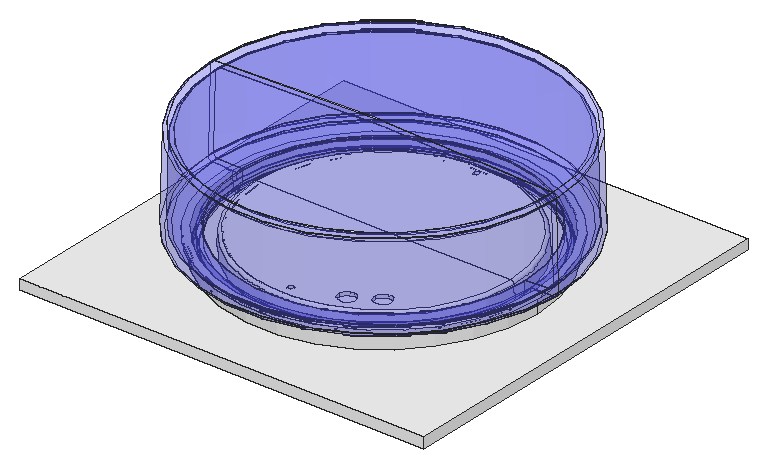
Revit family "BE_50656_de_DE", category Leuchten, Revit 2020
Family settings
  Basisbauteil = Fläche
  Bemaßung runder Anschluss = Durchmesser verwenden
  Teiletyp = Normal
  Beim Laden mit Abzugskörper schneiden = Ja
  Lichtquelle = Ja
  Gemeinsam genutzt = Nein
  Raumberechnungspunkt = Ja
Parameters (values of type "BEGA_50656_K27")
  built-in parameter 1150104 = 14.864 (stored number, unit not read)
  Wattage = 22.4 W
  Default Elevation = 0 mm
  built-in parameter 1150113 = 1 (stored number, unit not read)
  built-in parameter 1114218 = 1 (stored number, unit not read)
  Umgebungstemperatur = "25 °C"
  URL = "https://www.bega.com/de/produkt/50656"
  Typenkommentare = "© 2022 BEGA. Wir behalten uns das Recht vor, technische Änderungen ohne vorherige Ankündigung vorzunehmen."  # constant formula
  built-in parameter 1150134 = 12
  built-in parameter 1150109 = 1 (stored number, unit not read)
  Strom = ""
  built-in parameter 1150110 = 1 (stored number, unit not read)
  Spannung = 239.996 V
  Sonderanfertigung = no
  Seriennummer [instance] = "Hier können Sie die eindeutige Seriennummer für das Facility Management eintragen."
  Schutzklasse = "I"
  Schutzart = "IP 44"
  Scheinlast = 0 VA
  Produktdatenblatt = "https://cdn.bega.com/bega/products/50656K4/current/documents/data-sheets/de"
  Oberflächentemperatur = ""
  Neigungswinkel = 0.00°
  Modell = "50656K27"
  Material_17 = BEGA_Reflektor
  Material_15 = BEGA_Leuchtmedium_matt
  Material_11 = BEGA_Glas_opal
  Material_09 = BEGA_Glas_klar
  Material_06 = BEGA_Oberfläche_Edelstahl_gebürstet
  Material_03 = BEGA_Oberfläche_Weiss_matt
  Material_02 = BEGA_Oberfläche_Silber_matt
  Material_01 [instance] = BEGA_Oberfläche_Grafit_matt
  M_W = no
  M_G = no
  M_A = no
  Logo = 0
  built-in parameter 1114217 = 1 (stored number, unit not read)
  built-in parameter 1150139 = (empty or 0)
  built-in parameter 1150105 = 856.68 (stored number, unit not read)
  built-in parameter 1150114 = 1 (stored number, unit not read)
  Lumens = 3584 lm
  built-in parameter 1150115 = 1 (stored number, unit not read)
  Leuchtenlichtstrom = "2480 lm"
  Leuchtenanzahl = ""
  Lebensdauerkriterien = "L70B50 @ 25 °C = 200000 h"
  Lastklassifizierung = Beleuchtung
  built-in parameter 1150112 = 1 (stored number, unit not read)
  Lampenlichtstrom = "3480 lm"
  Lampe = "LED 22 W"
  LED_Modulbezeichnung = "4x LED-0263/927"
  Hersteller = "BEGA"  # constant formula
  Halbstreuwinkel = ""
  Gewicht = "3.4 kg"
  Gebrauchslageneinschränkung [instance] = ""
  Frequenz = "0/50-60 Hz"
  Farbwiedergabeindex = "CRI > 90"
  Farbtemperaturverschiebung bei Dämpfen der Lampe = <Keine Auswahl>
  Farbtemperatur = "2700 K"
  Color Filter = 16777215
  built-in parameter 1150133 = 10 (stored number, unit not read)
  Energieeffizienzklasse = "LED A++ - A"
  built-in parameter 1150137 = (empty or 0)
  built-in parameter 1150132 = (empty or 0)
  ENEC = "ja"
  Dimmbar [instance] = "DALI"
  Datei für fotometrisches Netz = "BE_50656K27.IES"
  CE_Konformität = "ja"
  Bestellnummer = "50656K27"
  Beschreibung_Sonderanfertigung = "Hier können Sie Informationen zur Sonderanfertigung eintragen."
  Beschreibung = "Decken- und Wandleuchte"
  built-in parameter 1150106 = 8.5668 (stored number, unit not read)
  Befestigungsbohrung = "Ø 5,5 mm"
  Befestigungsabstand = "230 mm"
  Ballwurfsicher = ""
  BEGA_Intern_aus = yes
  BEGA_Intern_an = yes
  BEGA_Intern_Konstruktion = yes
  BEGA_Intern = yes
  BEGA_IES = yes
  BEGA_Dummy = no
  Anschlussleitung = ""
  Anschlussleistung [instance] = "24.6 W"
  Anschlusskasten = ""
  built-in parameter 1150107 = 4000 (stored number, unit not read)
  built-in parameter 1150102 = (empty or 0)
  built-in parameter 1150138 = (empty or 0)
  Aktualisierung = "2022-05-19T04:00:07"
  Abstand_zur_angestrahlten_Fläche [instance] = ""
  AC/DC = "AC/DC"
Types (3, lengths in mm): name | built-in parameter 1150104 | built-in parameter 1150134 | Modell | built-in parameter 1150105 | Lumens | Leuchtenlichtstrom | Lampenlichtstrom | LED_Modulbezeichnung | Farbtemperatur | Datei für fotometrisches Netz | Bestellnummer | built-in parameter 1150106 | built-in parameter 1150107
  BEGA_50656_K3 | 14.4 (stored number, unit not read) | (empty or 0) | "50656K3" | 829.87 (stored number, unit not read) | 3472 lm | "2509 lm" | "3520 lm" | "4x LED-0263/930" | "3000 K" | "BE_50656K3.IES" | "50656K3" | 8.2987 (stored number, unit not read) | 3000 (stored number, unit not read)
  BEGA_50656_K4 | 14.864 (stored number, unit not read) | 12 | "50656K4" | 856.68 (stored number, unit not read) | 3584 lm | "2509 lm" | "3520 lm" | "4x LED-0263/930" | "4000 K" | "BE_50656K4.IES" | "50656K4" | 8.5668 (stored number, unit not read) | 4000 (stored number, unit not read)
  BEGA_50656_K27 | 14.864 (stored number, unit not read) | 12 | "50656K27" | 856.68 (stored number, unit not read) | 3584 lm | "2480 lm" | "3480 lm" | "4x LED-0263/927" | "2700 K" | "BE_50656K27.IES" | "50656K27" | 8.5668 (stored number, unit not read) | 4000 (stored number, unit not read)
Reference planes
  plane 1 "Mitte (Vorne/Hinten)": y = 0
  plane 2: z = 0
  plane 3 "Mitte (Links/Rechts)": x = 0
  plane 4 "Links": x = -173.347
  plane 5 "Rechts": x = 173.347
  plane 6 "Unten": y = -173.3
  plane 7 "Oben": y = 173.3
  plane 8 "Vorne": z = 117.005
  plane 9 "Hinten": z = 0
Forms (mm)
  Extrusion 1, solid, material "BEGA_Platte_Weiss"
    sketch origin (0, -1119.2, 0) x (1, 0, 0) y (0, 1, 0)
      loop
        line (-200, 1319.2) -> (-200, 919.2) -> (200, 919.2) -> (200, 1319.2) -> (-200, 1319.2)
    from 0 to -10
  Extrusion 2, solid, material "BEGA_Dummy_matt", visible <- "BEGA_Dummy"
    sketch origin (77.149, -76.023, 0) x (1, 0, 0) y (0, 1, 0)
      loop
        circle (-77.149, 76.023) r 173.398
    from 0 to 117.005
Dimensions and locks
  plane 1 "Mitte (Vorne/Hinten)" to Extrusion 1 = 200 mm
  aligned and locked: plane 2 to Extrusion 1
  aligned and locked: level to Extrusion 1
Nested families
  nested 1: "BE_50656" at (0, 0, 0), type "BE_50656"
Connectors
  electrical at (0, 0, 0), driven by "Lastklassifizierung", driven by "Spannung", driven by "Scheinlast"
    settings: index 1, voltage 239.996 V, apparent load 0 VA, apparent load phase1 0 VA, apparent load phase2 0 VA, apparent load phase3 0 VA, power factor 1, load classification "Beleuchtung", number of poles 1, system type 31, power factor state 1, is connector primary yes, connector utility no, sub classification motor no, connector description ""
Definition of nested family "BE_50656"
  Parameters (values of type "BE_50656")
    Default Elevation = 1 mm
    URL = "http://www.bega.de/de/produkt"
    Type Comments = "© 2015 BEGA. Wir behalten uns das Recht vor, technische Änderungen ohne vorherige Ankündigung vorzunehmen. "  # constant formula
    Type Image = (empty or 0)
    Neigungswinkel_um_Z2 = 0.00°
    Neigungswinkel_um_Z1 = 0.00°
    Neigungswinkel_um_Y2 = 0.00°
    Neigungswinkel_um_Y1 = 0.00°
    Neigungswinkel_um_X2 = 0.00°
    Neigungswinkel_um_X1 = 0.00°
    Material_17 = none
    Material_15 = none
    Material_11 = none
    Material_09 = none
    Material_06 = none
    Material_05 = none
    Material_03 = none
    Material_02 = none
    Material_01 = none
    M_W = yes
    M_G = yes
    M_A = yes
    Länge_Platte = 500 mm  # constant formula
    Höhe_Platte = -10 mm  # constant formula
    Manufacturer = "BEGA"  # constant formula
    Drehwinkel_um_Z2 = 0.00°
    Drehwinkel_um_Z1 = 0.00°
    Breite_Platte = 500 mm  # constant formula
  Reference planes
    plane 1 "Mitte (Oben/Unten)": y = 0
    plane 2: z = 0
    plane 3 "Mitte (Links/Rechts)": x = 0
    plane 4: x = -173.347
    plane 5: z = 121.794
    plane 6: x = 173.347
    plane 7: y = -173.3
    plane 8: y = 173.3
  Forms (mm)
    Extrusion 1, solid, detail levels medium
      sketch origin (0, 0, 0) x (1, 0, 0) y (0, 1, 0)
        loop
          line (-250, 250) -> (-250, -250) -> (250, -250) -> (250, 250) -> (-250, 250)
      from 0 to -10 <- "Höhe_Platte"
    Revolve 2, solid, material <- "Material_03", detail levels medium+fine
      sketch origin (0, 0, 0) x (1, 0, 0) y (0, 0, 1)
        loop
          line (-152.616, 19.57) -> (-152.107, 5) -> (-127.299, 5)
          arc (-127.299, 5) -> (-126.614, 5.272) -> (-126.301, 5.94) r 1
          line (-126.301, 5.94) -> (-125.598, 19.357)
          arc (-125.598, 19.357) -> (-124.667, 21.376) -> (-122.602, 22.2) r 3
          line (-122.602, 22.2) -> (0, 22.2) -> (0, 25) -> (-125.403, 25)
          arc (-125.403, 25) -> (-127.466, 24.178) -> (-128.399, 22.164) r 3
          line (-128.399, 22.164) -> (-129.151, 7.8) -> (-148.41, 7.8)
          arc (-148.41, 7.8) -> (-149.104, 8.08) -> (-149.41, 8.764) r 1
          line (-149.41, 8.764) -> (-150, 25.01) -> (-156.751, 25.01) -> (-156.505, 21.5) -> (-154.629, 21.5)
          arc (-154.629, 21.5) -> (-153.239, 20.939) -> (-152.616, 19.57) r 2
        axis (0, 5) -> (0, 25.01)
      angle from 0 to 360
    Extrusion 3, void
      sketch origin (0, 0, 0) x (1, 0, 0) y (0, 1, 0)
        loop
          circle (67.624, -85.364) r 8.475
        loop
          circle (0, -115) r 2.75
        loop
          circle (43.624, -99.785) r 8.475
        loop
          circle (0, 115) r 2.75
      from 3 to 28
    Revolve 4, solid, material <- "Material_11", detail levels medium+fine
      sketch origin (0, 0, 0) x (1, 0, 0) y (0, 0, 1)
        loop
          arc (0, 121.794) -> (-83.775, 120.596) -> (-167.481, 117.005) r 2931.228
          arc (-167.481, 117.005) -> (-170.016, 115.895) -> (-171.224, 113.404) r 4
          line (-171.224, 113.404) -> (-173.398, 30.389)
          arc (-173.398, 30.389) -> (-172.337, 27.569) -> (-169.609, 26.29) r 4
          line (-169.609, 26.29) -> (-145, 25) -> (-145, 18.72)
          arc (-145, 18.72) -> (-145.188, 18.136) -> (-145.682, 17.772) r 1
          line (-145.682, 17.772) -> (-147.316, 17.228)
          arc (-147.316, 17.228) -> (-147.811, 16.864) -> (-148, 16.279) r 1
          line (-148, 16.279) -> (-148, 10) -> (-142.75, 10) -> (-142.75, 13.382)
          arc (-142.75, 13.382) -> (-140.554, 15.653) -> (-139.75, 18.708) r 6.25
          line (-139.75, 18.708) -> (-139.75, 29.033)
          arc (-139.75, 29.033) -> (-140.025, 29.721) -> (-140.698, 30.032) r 1
          line (-140.698, 30.032) -> (-164.227, 31.265)
          arc (-164.227, 31.265) -> (-166.955, 32.544) -> (-168.016, 35.364) r 4
          line (-168.016, 35.364) -> (-166.11, 108.148)
          arc (-166.11, 108.148) -> (-164.967, 110.833) -> (-162.314, 112.038) r 4
          arc (-162.314, 112.038) -> (-81.188, 115.417) -> (0, 116.543) r 2925.979
          line (0, 116.543) -> (0, 121.794)
        axis (0, 121.794) -> (0, 10)
      angle from 0 to 360
    Revolve 5, solid, material <- "Material_03", detail levels medium+fine
      sketch origin (140, 0, 0) x (1, 0, 0) y (0, 0, 1)
        loop
          line (-2.811, 4.164) -> (-2.468, 2.099)
          arc (-2.468, 2.099) -> (-1.62, 0.596) -> (0, 0) r 2.5
          line (0, 0) -> (0, 6.055) -> (-3.797, 6.055) -> (-3.797, 5)
          arc (-3.797, 5) -> (-3.151, 4.763) -> (-2.811, 4.164) r 1
        axis (0, 6.055) -> (0, 0)
      angle from 0 to 360
    Revolve 6, solid, material <- "Material_03", detail levels medium+fine
      sketch origin (-70, -121.244, 0) x (-0.5, -0.866025, 0) y (0, 0, 1)
        loop
          line (-2.811, 4.164) -> (-2.468, 2.099)
          arc (-2.468, 2.099) -> (-1.62, 0.596) -> (0, 0) r 2.5
          line (0, 0) -> (0, 6.055) -> (-3.797, 6.055) -> (-3.797, 5)
          arc (-3.797, 5) -> (-3.151, 4.763) -> (-2.811, 4.164) r 1
        axis (0, 6.055) -> (0, 0)
      angle from 0 to 360
    Revolve 7, solid, material <- "Material_03", detail levels medium+fine
      sketch origin (-70, 121.244, 0) x (-0.5, 0.866025, 0) y (0, 0, 1)
        loop
          line (-2.811, 4.164) -> (-2.468, 2.099)
          arc (-2.468, 2.099) -> (-1.62, 0.596) -> (0, 0) r 2.5
          line (0, 0) -> (0, 6.055) -> (-3.797, 6.055) -> (-3.797, 5)
          arc (-3.797, 5) -> (-3.151, 4.763) -> (-2.811, 4.164) r 1
        axis (0, 6.055) -> (0, 0)
      angle from 0 to 360
  Cuts and joins
    Extrusion 3 cuts Revolve 2
    joined: Revolve 2, Revolve 5, Revolve 6, Revolve 7
  Dimensions and locks
    equal spacing: Extrusion 1 sketch curve, plane 3 "Mitte (Links/Rechts)", Extrusion 1 sketch curve
    equal spacing: Extrusion 1 sketch curve, plane 1 "Mitte (Oben/Unten)", Extrusion 1 sketch curve
    "Länge_Platte": Extrusion 1 sketch curve to Extrusion 1 sketch curve
    "Breite_Platte": Extrusion 1 sketch curve to Extrusion 1 sketch curve
    aligned and locked: Extrusion 1 to plane 2
    aligned and locked: level to Extrusion 1
  Automatic sketch dimensions
    Revolve 5 sketch curve to Revolve 5 sketch curve = 1.33 mm
    Revolve 5 sketch curve to Revolve 5 sketch curve = 0 mm  (x6)
    Revolve 5 sketch curve to Revolve 5 sketch curve = 1.901 mm
    Revolve 5 sketch curve to Revolve 5 sketch curve = 1 mm
    Revolve 5 sketch curve to Revolve 5 sketch curve = 1.055 mm
    Revolve 5 sketch curve to Revolve 5 sketch curve = 0.986 mm
    Revolve 5 sketch curve to Revolve 5 sketch curve = 2.468 mm
    Revolve 5 sketch curve to Revolve 5 sketch curve = 2.099 mm
    Revolve 2 sketch curve to plane 3 "Mitte (Links/Rechts)" = 0 mm  (x2)
    Revolve 2 sketch curve to Revolve 2 sketch curve = 2.801 mm  (x2)
    level to Revolve 2 sketch curve = 5.94 mm
    Revolve 2 sketch curve to Revolve 2 sketch curve = 3.699 mm
    Revolve 2 sketch curve to Revolve 2 sketch curve = 0.998 mm
    Revolve 2 sketch curve to Revolve 2 sketch curve = 2.996 mm
    Revolve 2 sketch curve to Revolve 2 sketch curve = 1.852 mm
    Revolve 2 sketch curve to Revolve 2 sketch curve = 1.877 mm  (x2)
    Revolve 2 sketch curve to Revolve 2 sketch curve = 0.94 mm
    Revolve 2 sketch curve to Revolve 2 sketch curve = 1.8 mm
    Revolve 2 sketch curve to Revolve 2 sketch curve = 1 mm
    Revolve 2 sketch curve to Revolve 2 sketch curve = 11.4 mm
    Revolve 2 sketch curve to Revolve 2 sketch curve = 10.7 mm
    Revolve 2 sketch curve to Revolve 2 sketch curve = 2 mm
    Revolve 2 sketch curve to Revolve 2 sketch curve = 2.8 mm  (x2)
    Revolve 2 sketch curve to Revolve 2 sketch curve = 0.164 mm
    level to Revolve 2 sketch curve = 22.2 mm
    Revolve 2 sketch curve to Revolve 2 sketch curve = 0 mm  (x10)
    Revolve 2 sketch curve to Revolve 2 sketch curve = 0.194 mm
    Revolve 2 sketch curve to Revolve 2 sketch curve = 2.013 mm
    Revolve 2 sketch curve to Revolve 2 sketch curve = 0.014 mm
    Revolve 2 sketch curve to Revolve 2 sketch curve = 0.245 mm
    Revolve 2 sketch curve to Revolve 2 sketch curve = 10.2 mm
    Revolve 2 sketch curve to Revolve 2 sketch curve = 2.643 mm
    Revolve 2 sketch curve to Revolve 2 sketch curve = 0.07 mm
    Revolve 2 sketch curve to Revolve 2 sketch curve = 3.51 mm
    Extrusion 3 sketch curve to plane 3 "Mitte (Links/Rechts)" = 0 mm  (x2)
    plane 3 "Mitte (Links/Rechts)" to Extrusion 3 sketch curve = 43.624 mm
    Extrusion 3 sketch curve to Extrusion 3 sketch curve = 24.001 mm
    Extrusion 3 sketch curve to Extrusion 3 sketch curve = 15.215 mm
    Extrusion 3 sketch curve to Extrusion 3 sketch curve = 14.421 mm
    Revolve 6 sketch curve to Revolve 6 sketch curve = 1.33 mm
    Revolve 6 sketch curve to Revolve 6 sketch curve = 0 mm  (x6)
    Revolve 6 sketch curve to Revolve 6 sketch curve = 1.901 mm
    Revolve 6 sketch curve to Revolve 6 sketch curve = 1 mm
    Revolve 6 sketch curve to Revolve 6 sketch curve = 1.055 mm
    Revolve 6 sketch curve to Revolve 6 sketch curve = 0.986 mm
    Revolve 6 sketch curve to Revolve 6 sketch curve = 2.468 mm
    Revolve 6 sketch curve to Revolve 6 sketch curve = 2.099 mm
    Revolve 7 sketch curve to Revolve 7 sketch curve = 1.33 mm
    Revolve 7 sketch curve to Revolve 7 sketch curve = 0 mm  (x6)
    Revolve 7 sketch curve to Revolve 7 sketch curve = 1.901 mm
    Revolve 7 sketch curve to Revolve 7 sketch curve = 1 mm
    Revolve 7 sketch curve to Revolve 7 sketch curve = 1.055 mm
    Revolve 7 sketch curve to Revolve 7 sketch curve = 0.986 mm
    Revolve 7 sketch curve to Revolve 7 sketch curve = 2.468 mm
    Revolve 7 sketch curve to Revolve 7 sketch curve = 2.099 mm
    Revolve 5 sketch curve to level = 0 mm
    level to Revolve 6 sketch curve = 0 mm
    level to Revolve 7 sketch curve = 0 mm
    Revolve 2 sketch curve to plane 3 "Mitte (Links/Rechts)" = 122.602 mm
    Revolve 2 sketch curve to Revolve 2 sketch curve = 19.259 mm
    Revolve 2 sketch curve to Revolve 2 sketch curve = 1.59 mm
    Revolve 2 sketch curve to Revolve 2 sketch curve = 3.697 mm
    Revolve 2 sketch curve to Revolve 2 sketch curve = 4.628 mm
    Revolve 2 sketch curve to Revolve 2 sketch curve = 0.999 mm
    plane 3 "Mitte (Links/Rechts)" to Revolve 5 sketch curve = 136.203 mm
    Revolve 4 sketch curve to plane 5 = 0 mm  (x2)
    Revolve 4 sketch curve to plane 3 "Mitte (Links/Rechts)" = 0 mm  (x2)
    Revolve 4 sketch curve to plane 3 "Mitte (Links/Rechts)" = 0.005 mm
    Revolve 4 sketch curve to plane 4 = 33.597 mm
    Revolve 4 sketch curve to Revolve 4 sketch curve = 1 mm
    Revolve 4 sketch curve to Revolve 4 sketch curve = 3 mm
    Revolve 4 sketch curve to Revolve 4 sketch curve = 4.25 mm
    level to Revolve 4 sketch curve = 17.772 mm
    Revolve 4 sketch curve to Revolve 4 sketch curve = 0.682 mm
    Revolve 4 sketch curve to Revolve 4 sketch curve = 0.318 mm
    Revolve 4 sketch curve to Revolve 4 sketch curve = 0 mm  (x16)
    Revolve 4 sketch curve to Revolve 4 sketch curve = 1.318 mm
    Revolve 4 sketch curve to Revolve 4 sketch curve = 5.25 mm
    Revolve 4 sketch curve to plane 4 = 11.246 mm
    Revolve 4 sketch curve to plane 4 = 9.33 mm
    Revolve 4 sketch curve to plane 4 = 6.103 mm
    Revolve 4 sketch curve to plane 4 = 3.948 mm
    Revolve 4 sketch curve to plane 4 = 2.123 mm
    plane 3 "Mitte (Links/Rechts)" to Revolve 4 sketch curve = 0.005 mm
    Revolve 4 sketch curve to Revolve 4 sketch curve = 1.493 mm
    Revolve 4 sketch curve to Revolve 4 sketch curve = 2.897 mm
    Revolve 4 sketch curve to Revolve 4 sketch curve = 3.382 mm
    Revolve 4 sketch curve to level = 2809.434 mm
    Revolve 4 sketch curve to Revolve 4 sketch curve = 0.001 mm  (x2)
    Revolve 4 sketch curve to Revolve 4 sketch curve = 0.012 mm
    Revolve 4 sketch curve to Revolve 4 sketch curve = 6.28 mm
    Revolve 4 sketch curve to Revolve 4 sketch curve = 4.033 mm
    Revolve 4 sketch curve to Revolve 4 sketch curve = 5.284 mm
    Revolve 4 sketch curve to Revolve 4 sketch curve = 4.975 mm
    plane 5 to Revolve 4 sketch curve = 13.75 mm
    Revolve 4 sketch curve to Revolve 4 sketch curve = 4.968 mm
    Revolve 4 sketch curve to Revolve 4 sketch curve = 0.392 mm
    plane 5 to Revolve 4 sketch curve = 5.25 mm
    Revolve 4 sketch curve to Revolve 4 sketch curve = 0.052 mm
    Revolve 4 sketch curve to Revolve 4 sketch curve = 0.316 mm
    Revolve 4 sketch curve to Revolve 4 sketch curve = 0.213 mm
    Revolve 4 sketch curve to Revolve 4 sketch curve = 0.209 mm
    Revolve 4 sketch curve to Revolve 4 sketch curve = 3.999 mm  (x2)
    Revolve 4 sketch curve to Revolve 4 sketch curve = 0.01 mm
    Revolve 4 sketch curve to plane 4 = 3.738 mm
    plane 4 to Revolve 4 sketch curve = 0.051 mm
    Revolve 4 sketch curve to Revolve 4 sketch curve = 3.995 mm  (x2)
    Revolve 4 sketch curve to Revolve 4 sketch curve = 26.042 mm
    plane 1 "Mitte (Oben/Unten)" to Extrusion 3 sketch curve = 85.364 mm
    Extrusion 3 sketch curve to plane 1 "Mitte (Oben/Unten)" = 115 mm
    radius of Extrusion 3 sketch curve = 8.475 mm  (x2)
    radius of Extrusion 3 sketch curve = 2.75 mm  (x2)
